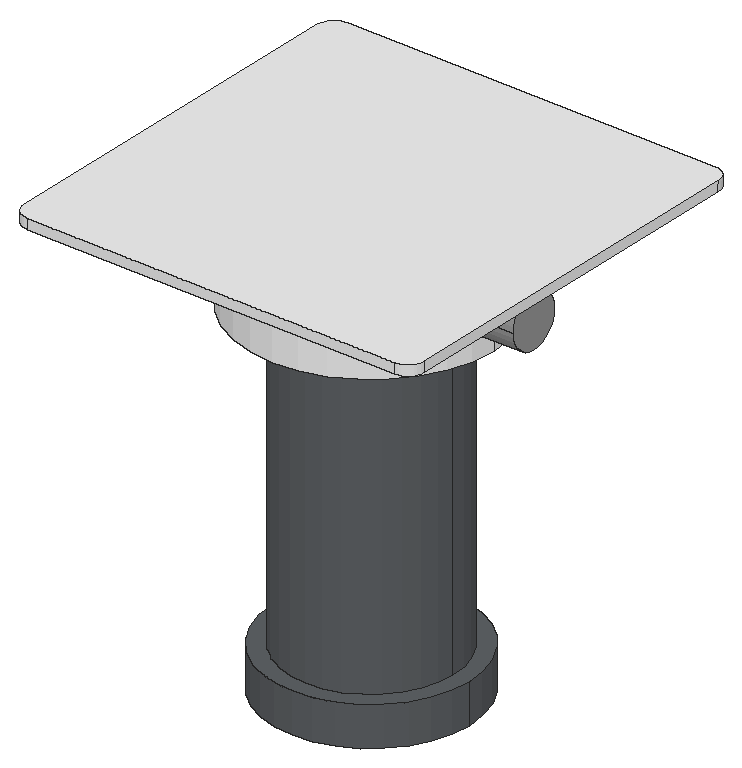
Revit family "KEUCO_59541000170_", category Generic Models, Revit 2016
Family settings
  Part Type = Normal
  Can host rebar = No
  Round Connector Dimension = Use Diameter
  Work Plane-Based = Yes
  Always vertical = No
  Cut with Voids When Loaded = No
  Shared = No
  Room Calculation Point = No
Parameters (values of type "59541000170")
  Verwendung = "DU / ZU\r\n"  # constant formula
  Preisgruppe = ""
  Kategorie = "ARM"
  Gewicht = 0
  Breite = 45 mm
  URL = "https://www.keuco.com/de/produkte/sortiment/artikel/?pid=59541&oid=10&pgo=9&country=de&lang=de&vid=59541000170"
  Materialien bei Hersteller anfragen = "Anfrage zu:  objektmanagement@keuco.de"
  Description = "Grundkörper für Wandeinbau,\r\nEinbautiefe 80 - 110 mm"
  Default Elevation = 1219.2 mm
  Serie = "Plan"  # constant formula
  Material = Stahl, verchromt
  Manufacturer = "KEUCO"  # constant formula
  Assembly Code = ""
  Ausschreibungstext = "KEUCO IXMO UP Funktionseinheit für Absperrventil \r\nmit Schlauchanschluss DN15, 59541000170\r\nschallentkoppelter Grundkörper aus entzinkungsarmen Messing\r\nfür den Wandeinbau, frei positionierbar,\r\nEinbautiefe von 80 mm – 110 mm, \r\nGrundplatte mit Einstellschrauben zur optimalen Ausrichtung,\r\nAnschlüsse G 1/2 Zoll, mit farblicher Kennzeichnung,\r\nHinweis: passend zu Artikel-Nr. \r\n59541010101, 59541010102, 59541010201,\r\n59541010202, 59541011101, 59541011102,\r\n59541011201, 59541011202,"
  Artikelnummer = "59541000170"
Reference planes
  plane 1 "Center (Front/Back)": y = 0
  plane 2: z = 0
  plane 3 "Center (Left/Right)": x = 0
Forms (mm)
  Extrusion 1, solid, material "Stahl, verchromt" <- "Material"
    sketch origin (0, 16.5, -23) x (1, 0, 0) y (0, 1, 0)
      loop
        circle (0.019, -16.484) r 37.5
    from -7 to 20
  Extrusion 2, solid, material "Stahl, verchromt" <- "Material"
    sketch origin (0, 16.5, 0) x (0, 1, 0) y (-1, 0, 0)
      loop
        arc (44.5, 56) -> (43.036, 59.536) -> (39.5, 61) r 5
        line (39.5, 61) -> (-72.5, 61)
        arc (-72.5, 61) -> (-76.036, 59.536) -> (-77.5, 56) r 5
        line (-77.5, 56) -> (-77.5, -56)
        arc (-77.5, -56) -> (-76.036, -59.536) -> (-72.5, -61) r 5
        line (-72.5, -61) -> (39.5, -61)
        arc (39.5, -61) -> (43.036, -59.536) -> (44.5, -56) r 5
        line (44.5, -56) -> (44.5, 56)
    from 0 to -3
  Extrusion 3, solid, material "Schwarzgrau"
    sketch origin (0, 16.5, -145) x (0, 1, 0) y (-1, 0, 0)
      loop
        circle (-16.5, 0) r 25
    from 21.987 to 115
  Extrusion 4, solid, material "Brass, Soft Yellow, Welded"
    sketch origin (10.617, -0.559, -32.959) x (0, 1, 0) y (0, 0, 1)
      loop
        circle (0, 15.638) r 7.801
    from 25.751 to 39.383
  Extrusion 5, solid, material "Schwarzgrau"
    sketch origin (0, 16.5, -170) x (0, 1, 0) y (-1, 0, 0)
      loop
        circle (-16.5, 0) r 30
    from 46.987 to 35
Dimensions and locks
  Extrusion 1 to Extrusion 1 = 27 mm
  aligned and locked: level to plane 2
